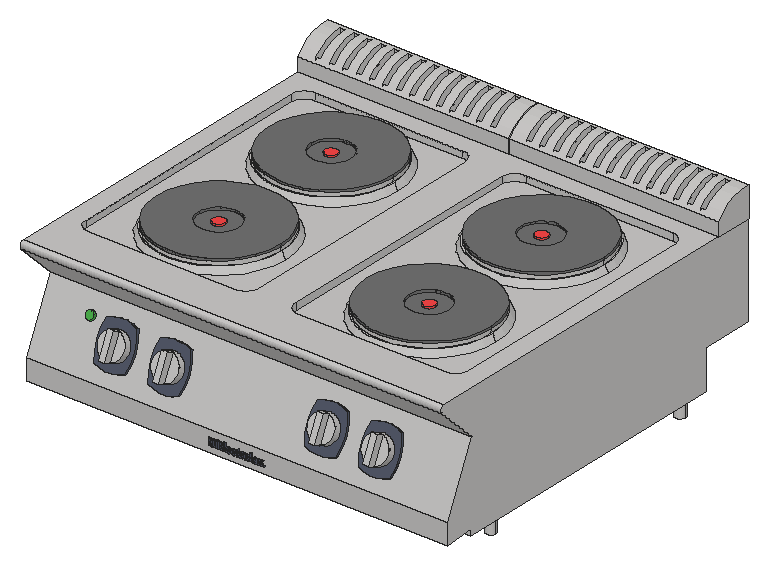
Revit family "QF_ELECTROLUXPROFESSIONAL_371015_E7ECEH4R00", category Specialty Equipment, Revit 2018
Family settings
  Round Connector Dimension = Use Diameter
  Part Type = Normal
  Work Plane-Based = No
  Always vertical = Yes
  Cut with Voids When Loaded = No
  Shared = No
  Room Calculation Point = No
Parameters
  Width = 800.1 mm  # constant formula
  Weight in Pounds = 88  # constant formula
  Watts = 10400 VA  # 10400 W
  Volts = 400 V  # constant formula
  URL Cutsheet = "www.electrolux.com/foodservice"
  URL = "www.electrolux.com/foodservice"
  Type Mark [instance] = ""
  Status [instance] = ""
  Specification by User [instance] = ""
  Specification by Manufacturer = ""
  Show Logo [instance] = yes
  Show Clearance [instance] = yes
  Serial Number = ""
  Seismic Rating = ""
  SMACNA No = ""
  Revision Code [instance] = ""
  Phase = 3  # constant formula
  Omniclass Number and Title = ""
  Number of Poles [instance] = 1
  NAFEM Spec ID Number = ""
  Model = "371015"
  Min Ckt Ampacity = 0 A
  Max Overcurrent Protection = 0 A
  Masterspec = ""
  Manufacturer = "ELECTROLUX"
  Item Number [instance] = ""
  Installed By [instance] = ""
  Identify Quantity as Lot [instance] = yes
  Height = 331.8 mm  # constant formula
  HP = "13.9 HP"
  Furnished By [instance] = ""
  Foodservice Equipment Identifier [instance] = yes
  FL Amps = if(Phase = 3, Watts / (Volts * 1.73), Watts / Volts)  # 15.0289 A
  Electrical Remarks [instance] = "400 V/3N ph/50/60 Hz"  # constant formula
  Electric Connection Type [instance] = ""
  Elec Conn RI Height [instance] = 0 mm
  Elec Conn Connection Height [instance] = 0 mm
  Direct Waste Size = 0"
  Description = "700XP 4 Hot Plate Electric Boiling Top 2.6KW - 400V"
  Depth = 730.25 mm  # constant formula
  Cycle [instance] = if([60 Hertz Option], 60 Hz, 50 Hz)  # 60 Hz
  Conn Plug = ""
  Conn Conduit = yes
  CSI MasterFormat = ""
  CSI Master Format = ""
  Base Height [instance] = 23.813 mm  # constant formula
  Assembly Code = ""
  Apparent Power = if(Phase = 3, Volts * FL Amps * 1.73, Volts * FL Amps)  # 10400 VA
  60 Hertz Option [instance] = not([50 Hertz Option])  # yes
  50 Hertz Option [instance] = no
Reference planes
  plane 1 "BACK": y = 0
  plane 2: z = 0
  plane 3 "LEFT": x = 0
  plane 4 "RIGHT": x = 800.1
  plane 5 "FRONT": y = -730.25
  plane 6 "TOP": z = 288.925
  plane 7 "Center Y": x = 400.05
  plane 8 "Center X": y = -365.125
  plane 9 "BASE": z = 23.813
  plane 10 "TOP A": z = 274.638
  plane 11: y = -597.884
  plane 12: y = -147.637
  plane 13: z = 331.8
Forms (mm)
  Extrusion 1, solid, material "QF_Finishes_Stainless Steel"
    sketch origin (0, 0, 0) x (0, 1, 0) y (0, 0, 1)
      loop
        line (0, 274.638) -> (-722.844, 274.638)
        arc (-722.844, 274.638) -> (-729.641, 270.096) -> (-728.047, 262.077) r 7.358
        line (-728.047, 262.077) -> (-657.416, 191.447) -> (-713.772, 69.003) -> (-713.772, 30.903) -> (-660.4, 36.513) -> (-660.4, 23.812) -> (-101.6, 23.812) -> (-101.6, 98.425) -> (0, 98.425) -> (0, 274.638)
    from 0 to 800.1
  Extrusion 2, solid, material "QF_Finishes_Stainless Steel"
    sketch origin (0, 0, 0) x (1, 0, 0) y (0, 1, 0)
      loop
        circle (11.112, -147.638) r 9.525
      loop
        circle (11.112, -597.884) r 9.525
      loop
        circle (788.987, -147.638) r 9.525
      loop
        circle (788.987, -597.884) r 9.525
    from 0 to 23.813
  Extrusion 3, solid, material "QF_Finishes_Stainless Steel"
    sketch origin (0, -101.6, 101.6) x (0, 0, -1) y (-1, 0, 0)
      loop
        circle (41.275, -747.712) r 12.7
    from 0 to 3.175
  Extrusion 4, solid, material "QF_Finishes_Clearance", visible <- "Show Clearance", detail levels coarse
    sketch origin (0, 0, 0) x (1, 0, 0) y (0, 1, 0)
      loop
        line (0, -730.25) -> (0, 0) -> (800.1, 0) -> (800.1, -730.25) -> (950.119, -730.25) -> (950.119, 150.019) -> (-150.019, 150.019) -> (-150.019, -730.25) -> (0, -730.25)
    from 0 to 331.788
  Extrusion 5, solid, material "QF_Finishes_Navy Blue"
    sketch origin (-390.52, -713.772, 69.003) x (0, 0.418102, 0.9084) y (-1, 0, 0)
      loop
        arc (102.623, -510.47) -> (67.041, -502.846) -> (31.333, -509.853) r 90.5
        arc (31.333, -509.853) -> (24.507, -539.04) -> (31.333, -568.228) r 65.817
        arc (31.333, -568.228) -> (67.04, -575.188) -> (102.623, -567.615) r 91.066
        arc (102.623, -567.615) -> (109.179, -539.043) -> (102.623, -510.47) r 65.546
    from 0 to 3.175
  Extrusion 6, solid, material "QF_Finishes_Stainless Steel"
    sketch origin (-11.77, -717.485, 68.529) x (0, 0.418102, 0.9084) y (-1, 0, 0)
      loop
        circle (68.826, -160.963) r 25.4
    from 0 to 12.7
  Extrusion 7, solid, material "QF_Finishes_Stainless Steel"
    sketch origin (-11.77, -729.022, 73.839) x (0, 0.418102, 0.9084) y (-1, 0, 0)
      loop
        arc (93.558, -166.749) -> (94.226, -160.963) -> (93.558, -155.177) r 25.4
        line (93.558, -155.177) -> (44.094, -155.177)
        arc (44.094, -155.177) -> (43.426, -160.963) -> (44.094, -166.749) r 25.4
        line (44.094, -166.749) -> (93.558, -166.749)
    from 0 to 12.7
  Extrusion 8, solid, material "QF_Finishes_Navy Blue", visible <- "Show Logo"
    sketch origin (58.349, -713.772, 35.665) x (0, 0, 1) y (-1, 0, 0)
      loop
        line (20.674, -296.698) -> (8.307, -296.698)
        arc (8.307, -296.698) -> (14.491, -301.27) -> (20.674, -296.698) r 6.467
      loop
        arc (20.674, -296.069) -> (19.505, -290.926) -> (14.849, -288.448) r 6.338
        line (14.849, -288.448) -> (14.849, -290.494)
        arc (14.849, -290.494) -> (16.333, -294.149) -> (19.778, -296.069) r 5.941
        line (19.778, -296.069) -> (20.674, -296.069)
      loop
        arc (9.203, -296.069) -> (12.648, -294.149) -> (14.132, -290.494) r 5.941
        line (14.132, -290.494) -> (14.132, -288.448)
        arc (14.132, -288.448) -> (9.438, -290.922) -> (8.148, -296.069) r 6.504
        line (8.148, -296.069) -> (9.203, -296.069)
      loop
        line (21.349, -287.979) -> (7.604, -287.979) -> (7.604, -301.742) -> (21.349, -301.742) -> (21.349, -287.979)
      loop
        arc (21.432, -304.71) -> (21.085, -304.352) -> (20.718, -304.69) r 0.358
        arc (20.718, -304.69) -> (20.404, -305.44) -> (19.687, -305.825) r 1.216
        line (19.687, -305.825) -> (9.274, -305.825)
        arc (9.274, -305.825) -> (8.614, -305.548) -> (8.218, -304.951) r 1.238
        arc (8.218, -304.951) -> (7.823, -304.7) -> (7.518, -305.054) r 0.358
        line (7.518, -305.054) -> (7.518, -314.933) -> (10.269, -314.933) -> (10.269, -314.036)
        arc (10.269, -314.036) -> (9.36, -313.456) -> (8.904, -312.479) r 1.928
        line (8.904, -312.479) -> (8.904, -309.98)
        arc (8.904, -309.98) -> (9.18, -309.251) -> (9.868, -308.887) r 1.101
        line (9.868, -308.887) -> (13.955, -308.887) -> (13.955, -312.561)
        arc (13.955, -312.561) -> (13.602, -313.058) -> (13.037, -313.286) r 1.083
        arc (13.037, -313.286) -> (12.773, -313.591) -> (13.065, -313.869) r 0.292
        line (13.065, -313.869) -> (16.028, -313.869)
        arc (16.028, -313.869) -> (16.33, -313.596) -> (16.092, -313.266) r 0.305
        arc (16.092, -313.266) -> (15.601, -313.018) -> (15.296, -312.561) r 1.083
        line (15.296, -312.561) -> (15.296, -308.887) -> (19.973, -308.887) -> (19.973, -312.635)
        arc (19.973, -312.635) -> (19.759, -313.39) -> (19.153, -313.888) r 1.314
        arc (19.153, -313.888) -> (18.934, -314.292) -> (19.288, -314.585) r 0.361
        line (19.288, -314.585) -> (21.432, -314.585) -> (21.432, -304.71)
      loop
        arc (20.715, -315.365) -> (20.335, -316.284) -> (19.416, -316.664) r 1.299
        line (19.416, -316.664) -> (9.837, -316.664)
        arc (9.837, -316.664) -> (8.999, -316.286) -> (8.728, -315.408) r 1.118
        line (8.728, -315.408) -> (7.518, -315.408) -> (7.518, -320.758) -> (8.706, -320.758)
        arc (8.706, -320.758) -> (8.978, -319.841) -> (9.848, -319.445) r 1.153
        line (9.848, -319.445) -> (21.92, -319.445) -> (20.715, -315.365)
      loop
        line (12.483, -323.394) -> (12.483, -329.842) -> (13.282, -329.842)
        arc (13.282, -329.842) -> (15.862, -328.857) -> (17.131, -326.404) r 3.874
        line (17.131, -326.404) -> (17.131, -324.643)
        arc (17.131, -324.643) -> (15.944, -321.778) -> (13.08, -320.592) r 4.051
        line (13.08, -320.592) -> (11.072, -320.592)
        arc (11.072, -320.592) -> (8.253, -322.077) -> (7.202, -325.084) r 4.352
        arc (7.202, -325.084) -> (7.566, -327.547) -> (8.943, -329.621) r 5.713
        line (8.943, -329.621) -> (9.892, -329.621)
        arc (9.892, -329.621) -> (9.16, -328.052) -> (8.943, -326.334) r 5.579
        arc (8.943, -326.334) -> (9.737, -324.371) -> (11.616, -323.394) r 3.057
        line (11.616, -323.394) -> (12.483, -323.394)
      loop
        line (13.742, -323.394) -> (13.742, -326.977)
        arc (13.742, -326.977) -> (15.199, -327.024) -> (16.082, -325.864) r 1.59
        line (16.082, -325.864) -> (16.082, -325.034)
        arc (16.082, -325.034) -> (15.217, -323.779) -> (13.742, -323.394) r 2.184
      loop
        arc (16.533, -339.259) -> (17.022, -337.585) -> (17.179, -335.848) r 9.023
        line (17.179, -335.848) -> (17.179, -334.486)
        arc (17.179, -334.486) -> (16.02, -331.686) -> (13.22, -330.527) r 3.959
        line (13.22, -330.527) -> (10.62, -330.527)
        arc (10.62, -330.527) -> (8.338, -331.819) -> (7.221, -334.192) r 4.331
        line (7.221, -334.192) -> (7.221, -336.327)
        arc (7.221, -336.327) -> (7.729, -337.877) -> (8.651, -339.223) r 5.772
        arc (8.651, -339.223) -> (9.412, -339.274) -> (9.499, -338.515) r 0.553
        arc (9.499, -338.515) -> (9.111, -337.781) -> (8.977, -336.962) r 2.573
        line (8.977, -336.962) -> (8.977, -335.447)
        arc (8.977, -335.447) -> (9.983, -333.806) -> (11.798, -333.163) r 2.884
        line (11.798, -333.163) -> (13.077, -333.163)
        arc (13.077, -333.163) -> (14.898, -333.723) -> (15.824, -335.388) r 2.554
        line (15.824, -335.388) -> (15.824, -336.441)
        arc (15.824, -336.441) -> (15.493, -337.369) -> (14.836, -338.104) r 2.564
        arc (14.836, -338.104) -> (14.614, -338.821) -> (15.223, -339.259) r 0.643
        line (15.223, -339.259) -> (16.533, -339.259)
      loop
        line (15.515, -339.53) -> (15.515, -341.031) -> (9.467, -341.031)
        arc (9.467, -341.031) -> (7.879, -341.688) -> (7.221, -343.276) r 2.246
        line (7.221, -343.276) -> (7.221, -344.86)
        arc (7.221, -344.86) -> (7.535, -345.725) -> (8.035, -346.496) r 4.06
        arc (8.035, -346.496) -> (8.768, -346.629) -> (9.019, -345.928) r 0.576
        arc (9.019, -345.928) -> (8.913, -345.403) -> (8.977, -344.87) r 1.69
        arc (8.977, -344.87) -> (9.519, -344.082) -> (10.425, -343.779) r 1.506
        line (10.425, -343.779) -> (15.563, -343.779) -> (15.563, -346.176) -> (16.119, -346.733) -> (16.941, -346.733) -> (16.941, -343.873) -> (20.172, -343.873) -> (15.515, -339.53)
      loop
        line (7.438, -347.63) -> (7.438, -353.017) -> (8.548, -353.017)
        arc (8.548, -353.017) -> (8.942, -352.066) -> (9.893, -351.672) r 1.345
        line (9.893, -351.672) -> (13.509, -351.672)
        arc (13.509, -351.672) -> (14.274, -352.264) -> (14.564, -353.186) r 1.615
        line (14.564, -353.186) -> (14.564, -354.742) -> (17.119, -355.427) -> (17.119, -354.044) -> (15.177, -351.485) -> (17.057, -351.485) -> (16.773, -348.779)
        arc (16.773, -348.779) -> (16.333, -348.249) -> (15.674, -348.45) r 0.621
        arc (15.674, -348.45) -> (15.274, -348.792) -> (14.78, -348.975) r 1.501
        line (14.78, -348.975) -> (9.893, -348.975)
        arc (9.893, -348.975) -> (8.942, -348.581) -> (8.548, -347.63) r 1.345
        line (8.548, -347.63) -> (7.438, -347.63)
      loop
        line (13.54, -354.964) -> (10.848, -354.964)
        arc (10.848, -354.964) -> (8.403, -356.272) -> (7.269, -358.803) r 4.288
        arc (7.269, -358.803) -> (7.205, -360.183) -> (7.269, -361.563) r 15.022
        arc (7.269, -361.563) -> (8.403, -364.094) -> (10.848, -365.401) r 4.288
        line (10.848, -365.401) -> (13.54, -365.401)
        arc (13.54, -365.401) -> (15.986, -364.094) -> (17.119, -361.563) r 4.288
        arc (17.119, -361.563) -> (17.183, -360.183) -> (17.119, -358.803) r 15.022
        arc (17.119, -358.803) -> (15.986, -356.272) -> (13.54, -354.964) r 4.288
      loop
        line (13.745, -358.078) -> (10.643, -358.078)
        arc (10.643, -358.078) -> (8.486, -360.235) -> (10.643, -362.392) r 2.157
        line (10.643, -362.392) -> (13.745, -362.392)
        arc (13.745, -362.392) -> (15.902, -360.235) -> (13.745, -358.078) r 2.157
      loop
        arc (20.726, -365.26) -> (20.355, -366.154) -> (19.461, -366.524) r 1.264
        line (19.461, -366.524) -> (9.597, -366.524)
        arc (9.597, -366.524) -> (8.727, -366.127) -> (8.455, -365.211) r 1.153
        line (8.455, -365.211) -> (7.518, -365.211) -> (7.518, -370.319) -> (8.446, -370.319)
        arc (8.446, -370.319) -> (8.805, -369.547) -> (9.597, -369.232) r 1.153
        line (9.597, -369.232) -> (21.92, -369.232) -> (20.726, -365.26)
      loop
        arc (15.846, -369.857) -> (15.647, -370.921) -> (14.678, -371.403) r 1.215
        line (14.678, -371.403) -> (9.658, -371.403)
        arc (9.658, -371.403) -> (8.043, -372.051) -> (7.322, -373.634) r 2.338
        line (7.322, -373.634) -> (7.322, -375.148)
        arc (7.322, -375.148) -> (7.497, -376.152) -> (7.999, -377.038) r 2.979
        line (7.999, -377.038) -> (7.518, -378.835) -> (7.518, -380.524) -> (16.943, -380.524) -> (16.649, -376.32) -> (15.863, -376.32)
        arc (15.863, -376.32) -> (15.507, -377.156) -> (14.755, -377.665) r 1.605
        line (14.755, -377.665) -> (9.652, -377.665)
        arc (9.652, -377.665) -> (9.232, -376.728) -> (9.159, -375.704) r 2.94
        arc (9.159, -375.704) -> (9.72, -374.603) -> (10.873, -374.16) r 1.724
        line (10.873, -374.16) -> (17.07, -374.16) -> (15.846, -369.857)
      loop
        line (16.874, -381.377) -> (15.202, -383.423) -> (12.028, -385.729) -> (8.572, -382.617)
        arc (8.572, -382.617) -> (8.335, -382.223) -> (8.357, -381.764) r 0.789
        line (8.357, -381.764) -> (7.518, -381.764) -> (7.518, -385.309) -> (8.344, -385.309)
        arc (8.344, -385.309) -> (8.686, -384.947) -> (9.176, -385.039) r 0.52
        line (9.176, -385.039) -> (10.976, -386.51) -> (8.858, -387.886)
        arc (8.858, -387.886) -> (8.457, -387.576) -> (8.37, -387.076) r 0.7
        line (8.37, -387.076) -> (7.518, -387.076) -> (7.518, -393.003) -> (8.405, -393.003)
        arc (8.405, -393.003) -> (8.472, -392.344) -> (8.866, -391.813) r 1.247
        line (8.866, -391.813) -> (13.066, -388.532) -> (15.513, -390.585) -> (16.874, -392.327) -> (16.874, -388.604) -> (15.389, -389.026) -> (13.868, -387.749) -> (15.568, -386.559) -> (16.874, -387.336) -> (16.874, -381.377)
    from 0 to 1.644
  Extrusion 9, solid, material "QF_Finishes_Stainless Steel"
    sketch origin (0, 0, 0) x (0, 1, 0) y (0, 0, 1)
      loop
        line (0, 274.638) -> (0, 331.738)
        arc (0, 331.738) -> (-38.857, 324.552) -> (-69.85, 300.038) r 82.056
        line (-69.85, 300.038) -> (-69.85, 274.638) -> (0, 274.638)
    from 0 to 400.05
  Extrusion 10, void
    sketch origin (0, 0, 274.638) x (0, -1, 0) y (1, 0, 0)
      loop
        line (6.761, 29.703) -> (63.911, 29.703) -> (63.911, 38.999) -> (6.761, 38.999) -> (6.761, 29.703)
      loop
        line (63.911, 64.487) -> (6.761, 64.487) -> (6.761, 55.191) -> (63.911, 55.191) -> (63.911, 64.487)
      loop
        line (63.911, 89.975) -> (6.761, 89.975) -> (6.761, 80.68) -> (63.911, 80.68) -> (63.911, 89.975)
      loop
        line (63.911, 115.464) -> (6.761, 115.464) -> (6.761, 106.168) -> (63.911, 106.168) -> (63.911, 115.464)
      loop
        line (63.911, 140.952) -> (6.761, 140.952) -> (6.761, 131.656) -> (63.911, 131.656) -> (63.911, 140.952)
      loop
        line (63.911, 166.44) -> (6.761, 166.44) -> (6.761, 157.145) -> (63.911, 157.145) -> (63.911, 166.44)
      loop
        line (63.911, 191.929) -> (6.761, 191.929) -> (6.761, 182.633) -> (63.911, 182.633) -> (63.911, 191.929)
      loop
        line (63.911, 217.417) -> (6.761, 217.417) -> (6.761, 208.121) -> (63.911, 208.121) -> (63.911, 217.417)
      loop
        line (63.911, 242.905) -> (6.761, 242.905) -> (6.761, 233.61) -> (63.911, 233.61) -> (63.911, 242.905)
      loop
        line (63.911, 268.394) -> (6.761, 268.394) -> (6.761, 259.098) -> (63.911, 259.098) -> (63.911, 268.394)
      loop
        line (63.911, 293.882) -> (6.761, 293.882) -> (6.761, 284.586) -> (63.911, 284.586) -> (63.911, 293.882)
      loop
        line (63.911, 319.37) -> (6.761, 319.37) -> (6.761, 310.075) -> (63.911, 310.075) -> (63.911, 319.37)
      loop
        line (63.911, 344.859) -> (6.761, 344.859) -> (6.761, 335.563) -> (63.911, 335.563) -> (63.911, 344.859)
      loop
        line (63.911, 370.347) -> (6.761, 370.347) -> (6.761, 361.051) -> (63.911, 361.051) -> (63.911, 370.347)
    from 25.4 to 63.5
  Extrusion 11, solid, material "QF_Finishes_Stainless Steel"
    sketch origin (400.05, 0, 0) x (0, 1, 0) y (0, 0, 1)
      loop
        line (0, 274.638) -> (0, 331.738)
        arc (0, 331.738) -> (-38.857, 324.552) -> (-69.85, 300.038) r 82.056
        line (-69.85, 300.038) -> (-69.85, 274.638) -> (0, 274.638)
    from 0 to 400.05
  Extrusion 12, void
    sketch origin (400.05, 0, 274.638) x (0, -1, 0) y (1, 0, 0)
      loop
        line (6.761, 29.703) -> (63.911, 29.703) -> (63.911, 38.999) -> (6.761, 38.999) -> (6.761, 29.703)
      loop
        line (63.911, 64.487) -> (6.761, 64.487) -> (6.761, 55.191) -> (63.911, 55.191) -> (63.911, 64.487)
      loop
        line (63.911, 89.975) -> (6.761, 89.975) -> (6.761, 80.68) -> (63.911, 80.68) -> (63.911, 89.975)
      loop
        line (63.911, 115.464) -> (6.761, 115.464) -> (6.761, 106.168) -> (63.911, 106.168) -> (63.911, 115.464)
      loop
        line (63.911, 140.952) -> (6.761, 140.952) -> (6.761, 131.656) -> (63.911, 131.656) -> (63.911, 140.952)
      loop
        line (63.911, 166.44) -> (6.761, 166.44) -> (6.761, 157.145) -> (63.911, 157.145) -> (63.911, 166.44)
      loop
        line (63.911, 191.929) -> (6.761, 191.929) -> (6.761, 182.633) -> (63.911, 182.633) -> (63.911, 191.929)
      loop
        line (63.911, 217.417) -> (6.761, 217.417) -> (6.761, 208.121) -> (63.911, 208.121) -> (63.911, 217.417)
      loop
        line (63.911, 242.905) -> (6.761, 242.905) -> (6.761, 233.61) -> (63.911, 233.61) -> (63.911, 242.905)
      loop
        line (63.911, 268.394) -> (6.761, 268.394) -> (6.761, 259.098) -> (63.911, 259.098) -> (63.911, 268.394)
      loop
        line (63.911, 293.882) -> (6.761, 293.882) -> (6.761, 284.586) -> (63.911, 284.586) -> (63.911, 293.882)
      loop
        line (63.911, 319.37) -> (6.761, 319.37) -> (6.761, 310.075) -> (63.911, 310.075) -> (63.911, 319.37)
      loop
        line (63.911, 344.859) -> (6.761, 344.859) -> (6.761, 335.563) -> (63.911, 335.563) -> (63.911, 344.859)
      loop
        line (63.911, 370.347) -> (6.761, 370.347) -> (6.761, 361.051) -> (63.911, 361.051) -> (63.911, 370.347)
    from 25.4 to 63.5
  Extrusion 13, void
    sketch origin (0, 0, 274.638) x (1, 0, 0) y (0, -1, 0)
      loop
        line (60.425, 104.885) -> (339.625, 104.885)
        arc (339.625, 104.885) -> (357.586, 112.324) -> (365.025, 130.285) r 25.4
        line (365.025, 130.285) -> (365.025, 619.485)
        arc (365.025, 619.485) -> (357.586, 637.445) -> (339.625, 644.885) r 25.4
        line (339.625, 644.885) -> (60.425, 644.885)
        arc (60.425, 644.885) -> (42.464, 637.445) -> (35.025, 619.485) r 25.4
        line (35.025, 619.485) -> (35.025, 130.285)
        arc (35.025, 130.285) -> (42.464, 112.324) -> (60.425, 104.885) r 25.4
      loop
        arc (739.675, 104.885) -> (757.636, 112.324) -> (765.075, 130.285) r 25.4
        line (765.075, 130.285) -> (765.075, 619.485)
        arc (765.075, 619.485) -> (757.636, 637.445) -> (739.675, 644.885) r 25.4
        line (739.675, 644.885) -> (460.475, 644.885)
        arc (460.475, 644.885) -> (442.514, 637.445) -> (435.075, 619.485) r 25.4
        line (435.075, 619.485) -> (435.075, 130.285)
        arc (435.075, 130.285) -> (442.514, 112.324) -> (460.475, 104.885) r 25.4
        line (460.475, 104.885) -> (739.675, 104.885)
    from 0 to 12.7
  Extrusion 14, solid, material "QF_Finishes_Navy Blue"
    sketch origin (-288.02, -713.772, 69.003) x (0, 0.418102, 0.9084) y (-1, 0, 0)
      loop
        arc (102.623, -510.47) -> (67.041, -502.846) -> (31.333, -509.853) r 90.5
        arc (31.333, -509.853) -> (24.507, -539.04) -> (31.333, -568.228) r 65.817
        arc (31.333, -568.228) -> (67.04, -575.188) -> (102.623, -567.615) r 91.066
        arc (102.623, -567.615) -> (109.179, -539.043) -> (102.623, -510.47) r 65.546
    from 0 to 3.175
  Extrusion 15, solid, material "QF_Finishes_Stainless Steel"
    sketch origin (90.73, -717.485, 68.529) x (0, 0.418102, 0.9084) y (-1, 0, 0)
      loop
        circle (68.826, -160.963) r 25.4
    from 0 to 12.7
  Extrusion 16, solid, material "QF_Finishes_Stainless Steel"
    sketch origin (90.73, -729.022, 73.839) x (0, 0.418102, 0.9084) y (-1, 0, 0)
      loop
        arc (93.558, -166.749) -> (94.226, -160.963) -> (93.558, -155.177) r 25.4
        line (93.558, -155.177) -> (44.094, -155.177)
        arc (44.094, -155.177) -> (43.426, -160.963) -> (44.094, -166.749) r 25.4
        line (44.094, -166.749) -> (93.558, -166.749)
    from 0 to 12.7
  Extrusion 17, solid, material "QF_Finishes_Navy Blue"
    sketch origin (1190.62, -713.772, 69.003) x (0, 0.418102, 0.9084) y (-1, 0, 0)
      loop
        arc (102.623, 510.47) -> (109.179, 539.043) -> (102.623, 567.615) r 65.546
        arc (102.623, 567.615) -> (67.04, 575.188) -> (31.333, 568.228) r 91.066
        arc (31.333, 568.228) -> (24.507, 539.04) -> (31.333, 509.853) r 65.817
        arc (31.333, 509.853) -> (67.041, 502.846) -> (102.623, 510.47) r 90.5
    from 0 to 3.175
  Extrusion 18, solid, material "QF_Finishes_Stainless Steel"
    sketch origin (1569.37, -717.485, 68.529) x (0, 0.418102, 0.9084) y (-1, 0, 0)
      loop
        circle (68.826, 918.463) r 25.4
    from 0 to 12.7
  Extrusion 19, solid, material "QF_Finishes_Stainless Steel"
    sketch origin (1569.37, -729.022, 73.839) x (0, 0.418102, 0.9084) y (-1, 0, 0)
      loop
        line (93.558, 924.249) -> (44.094, 924.249)
        arc (44.094, 924.249) -> (43.426, 918.463) -> (44.094, 912.677) r 25.4
        line (44.094, 912.677) -> (93.558, 912.677)
        arc (93.558, 912.677) -> (94.226, 918.463) -> (93.558, 924.249) r 25.4
    from 0 to 12.7
  Extrusion 20, solid, material "QF_Finishes_Navy Blue"
    sketch origin (1088.12, -713.772, 69.003) x (0, 0.418102, 0.9084) y (-1, 0, 0)
      loop
        arc (102.623, 510.47) -> (109.179, 539.043) -> (102.623, 567.615) r 65.546
        arc (102.623, 567.615) -> (67.04, 575.188) -> (31.333, 568.228) r 91.066
        arc (31.333, 568.228) -> (24.507, 539.04) -> (31.333, 509.853) r 65.817
        arc (31.333, 509.853) -> (67.041, 502.846) -> (102.623, 510.47) r 90.5
    from 0 to 3.175
  Extrusion 21, solid, material "QF_Finishes_Stainless Steel"
    sketch origin (1466.87, -717.485, 68.529) x (0, 0.418102, 0.9084) y (-1, 0, 0)
      loop
        circle (68.826, 918.463) r 25.4
    from 0 to 12.7
  Extrusion 22, solid, material "QF_Finishes_Stainless Steel"
    sketch origin (1466.87, -729.022, 73.839) x (0, 0.418102, 0.9084) y (-1, 0, 0)
      loop
        line (93.558, 924.249) -> (44.094, 924.249)
        arc (44.094, 924.249) -> (43.426, 918.463) -> (44.094, 912.677) r 25.4
        line (44.094, 912.677) -> (93.558, 912.677)
        arc (93.558, 912.677) -> (94.226, 918.463) -> (93.558, 924.249) r 25.4
    from 0 to 12.7
  Extrusion 23, solid, material "QF_Finishes_Green"
    sketch origin (1.25, -711.681, 73.545) x (0, 0.418102, 0.9084) y (-1, 0, 0)
      loop
        circle (91.02, -88.134) r 8
    from 0 to 3.2
Cuts and joins
  Extrusion 10 cuts Extrusion 9
  Extrusion 12 cuts Extrusion 11
  Extrusion 13 cuts Extrusion 1
Lines and regions (mm)
  symbolic lines, style "QF-Clearances", visible <- "Show Clearance", detail levels coarse
    curve 1: line (-150.019, 150.019, 274.638) -> (-150.019, -730.25, 274.638)
    curve 2: line (950.119, 150.019, 274.638) -> (-150.019, 150.019, 274.638)
    curve 3: line (950.119, -730.25, 274.638) -> (950.119, 150.019, 274.638)
  symbolic lines
    curve 4: line (0, 0, 274.638) -> (800.1, 0, 274.638)
    curve 5: line (0, -730.25, 274.638) -> (0, 0, 274.638)
    curve 6: line (800.1, 0, 274.638) -> (800.1, -730.25, 274.638)
    curve 7: line (0, -69.85, 274.638) -> (800.1, -69.85, 274.638)
    curve 8: line (800.1, -730.25, 274.638) -> (0, -730.25, 274.638)
    curve 9: line (29.703, -6.761, 0) -> (38.999, -6.761, 0)
    curve 10: line (29.703, -63.911, 0) -> (29.703, -6.761, 0)
    curve 11: line (38.999, -63.911, 0) -> (29.703, -63.911, 0)
    curve 12: line (38.999, -6.761, 0) -> (38.999, -63.911, 0)
    curve 13: line (55.191, -6.761, 0) -> (64.487, -6.761, 0)
    curve 14: line (55.191, -63.911, 0) -> (55.191, -6.761, 0)
    curve 15: line (64.487, -63.911, 0) -> (55.191, -63.911, 0)
    curve 16: line (64.487, -6.761, 0) -> (64.487, -63.911, 0)
    curve 17: line (80.68, -6.761, 0) -> (89.975, -6.761, 0)
    curve 18: line (80.68, -63.911, 0) -> (80.68, -6.761, 0)
    curve 19: line (89.975, -63.911, 0) -> (80.68, -63.911, 0)
    curve 20: line (89.975, -6.761, 0) -> (89.975, -63.911, 0)
    curve 21: line (106.168, -6.761, 0) -> (115.464, -6.761, 0)
    curve 22: line (106.168, -63.911, 0) -> (106.168, -6.761, 0)
    curve 23: line (115.464, -63.911, 0) -> (106.168, -63.911, 0)
    curve 24: line (115.464, -6.761, 0) -> (115.464, -63.911, 0)
    curve 25: line (131.656, -6.761, 0) -> (140.952, -6.761, 0)
    curve 26: line (131.656, -63.911, 0) -> (131.656, -6.761, 0)
    curve 27: line (140.952, -63.911, 0) -> (131.656, -63.911, 0)
    curve 28: line (140.952, -6.761, 0) -> (140.952, -63.911, 0)
    curve 29: line (157.145, -6.761, 0) -> (166.44, -6.761, 0)
    curve 30: line (157.145, -63.911, 0) -> (157.145, -6.761, 0)
    curve 31: line (166.44, -63.911, 0) -> (157.145, -63.911, 0)
    curve 32: line (166.44, -6.761, 0) -> (166.44, -63.911, 0)
    curve 33: line (182.633, -6.761, 0) -> (191.929, -6.761, 0)
    curve 34: line (182.633, -63.911, 0) -> (182.633, -6.761, 0)
    curve 35: line (191.929, -63.911, 0) -> (182.633, -63.911, 0)
    curve 36: line (191.929, -6.761, 0) -> (191.929, -63.911, 0)
    curve 37: line (208.121, -6.761, 0) -> (217.417, -6.761, 0)
    curve 38: line (208.121, -63.911, 0) -> (208.121, -6.761, 0)
    curve 39: line (217.417, -63.911, 0) -> (208.121, -63.911, 0)
    curve 40: line (217.417, -6.761, 0) -> (217.417, -63.911, 0)
    curve 41: line (233.61, -6.761, 0) -> (242.905, -6.761, 0)
    curve 42: line (233.61, -63.911, 0) -> (233.61, -6.761, 0)
    curve 43: line (242.905, -63.911, 0) -> (233.61, -63.911, 0)
    curve 44: line (242.905, -6.761, 0) -> (242.905, -63.911, 0)
    curve 45: line (259.098, -6.761, 0) -> (268.394, -6.761, 0)
    curve 46: line (259.098, -63.911, 0) -> (259.098, -6.761, 0)
    curve 47: line (268.394, -63.911, 0) -> (259.098, -63.911, 0)
    curve 48: line (268.394, -6.761, 0) -> (268.394, -63.911, 0)
    curve 49: line (284.586, -6.761, 0) -> (293.882, -6.761, 0)
    curve 50: line (284.586, -63.911, 0) -> (284.586, -6.761, 0)
    curve 51: line (293.882, -63.911, 0) -> (284.586, -63.911, 0)
    curve 52: line (293.882, -6.761, 0) -> (293.882, -63.911, 0)
    curve 53: line (310.075, -6.761, 0) -> (319.37, -6.761, 0)
    curve 54: line (310.075, -63.911, 0) -> (310.075, -6.761, 0)
    curve 55: line (319.37, -63.911, 0) -> (310.075, -63.911, 0)
    curve 56: line (319.37, -6.761, 0) -> (319.37, -63.911, 0)
    curve 57: line (335.563, -6.761, 0) -> (344.859, -6.761, 0)
    curve 58: line (335.563, -63.911, 0) -> (335.563, -6.761, 0)
    curve 59: line (344.859, -63.911, 0) -> (335.563, -63.911, 0)
    curve 60: line (344.859, -6.761, 0) -> (344.859, -63.911, 0)
    curve 61: line (361.051, -6.761, 0) -> (370.347, -6.761, 0)
    curve 62: line (361.051, -63.911, 0) -> (361.051, -6.761, 0)
    curve 63: line (370.347, -63.911, 0) -> (361.051, -63.911, 0)
    curve 64: line (370.347, -6.761, 0) -> (370.347, -63.911, 0)
    curve 65: line (400.05, 0, 0) -> (400.05, -69.85, 0)
    curve 66: line (770.397, -6.761, 0) -> (761.101, -6.761, 0)
    curve 67: line (770.397, -63.911, 0) -> (770.397, -6.761, 0)
    curve 68: line (761.101, -63.911, 0) -> (770.397, -63.911, 0)
    curve 69: line (761.101, -6.761, 0) -> (761.101, -63.911, 0)
    curve 70: line (744.909, -6.761, 0) -> (735.613, -6.761, 0)
    curve 71: line (744.909, -63.911, 0) -> (744.909, -6.761, 0)
    curve 72: line (735.613, -63.911, 0) -> (744.909, -63.911, 0)
    curve 73: line (735.613, -6.761, 0) -> (735.613, -63.911, 0)
    curve 74: line (719.42, -6.761, 0) -> (710.125, -6.761, 0)
    curve 75: line (719.42, -63.911, 0) -> (719.42, -6.761, 0)
    curve 76: line (710.125, -63.911, 0) -> (719.42, -63.911, 0)
    curve 77: line (710.125, -6.761, 0) -> (710.125, -63.911, 0)
    curve 78: line (693.932, -6.761, 0) -> (684.636, -6.761, 0)
    curve 79: line (693.932, -63.911, 0) -> (693.932, -6.761, 0)
    curve 80: line (684.636, -63.911, 0) -> (693.932, -63.911, 0)
    curve 81: line (684.636, -6.761, 0) -> (684.636, -63.911, 0)
    curve 82: line (668.444, -6.761, 0) -> (659.148, -6.761, 0)
    curve 83: line (668.444, -63.911, 0) -> (668.444, -6.761, 0)
    curve 84: line (659.148, -63.911, 0) -> (668.444, -63.911, 0)
    curve 85: line (659.148, -6.761, 0) -> (659.148, -63.911, 0)
    curve 86: line (642.955, -6.761, 0) -> (633.66, -6.761, 0)
    curve 87: line (642.955, -63.911, 0) -> (642.955, -6.761, 0)
    curve 88: line (633.66, -63.911, 0) -> (642.955, -63.911, 0)
    curve 89: line (633.66, -6.761, 0) -> (633.66, -63.911, 0)
    curve 90: line (617.467, -6.761, 0) -> (608.171, -6.761, 0)
    curve 91: line (617.467, -63.911, 0) -> (617.467, -6.761, 0)
    curve 92: line (608.171, -63.911, 0) -> (617.467, -63.911, 0)
    curve 93: line (608.171, -6.761, 0) -> (608.171, -63.911, 0)
    curve 94: line (591.979, -6.761, 0) -> (582.683, -6.761, 0)
    curve 95: line (591.979, -63.911, 0) -> (591.979, -6.761, 0)
    curve 96: line (582.683, -63.911, 0) -> (591.979, -63.911, 0)
    curve 97: line (582.683, -6.761, 0) -> (582.683, -63.911, 0)
    curve 98: line (566.49, -6.761, 0) -> (557.195, -6.761, 0)
    curve 99: line (566.49, -63.911, 0) -> (566.49, -6.761, 0)
    curve 100: line (557.195, -63.911, 0) -> (566.49, -63.911, 0)
    curve 101: line (557.195, -6.761, 0) -> (557.195, -63.911, 0)
    curve 102: line (541.002, -6.761, 0) -> (531.706, -6.761, 0)
    curve 103: line (541.002, -63.911, 0) -> (541.002, -6.761, 0)
    curve 104: line (531.706, -63.911, 0) -> (541.002, -63.911, 0)
    curve 105: line (531.706, -6.761, 0) -> (531.706, -63.911, 0)
    curve 106: line (515.514, -6.761, 0) -> (506.218, -6.761, 0)
    curve 107: line (515.514, -63.911, 0) -> (515.514, -6.761, 0)
    curve 108: line (506.218, -63.911, 0) -> (515.514, -63.911, 0)
    curve 109: line (506.218, -6.761, 0) -> (506.218, -63.911, 0)
    curve 110: line (490.025, -6.761, 0) -> (480.73, -6.761, 0)
    curve 111: line (490.025, -63.911, 0) -> (490.025, -6.761, 0)
    curve 112: line (480.73, -63.911, 0) -> (490.025, -63.911, 0)
    curve 113: line (480.73, -6.761, 0) -> (480.73, -63.911, 0)
    curve 114: line (464.537, -6.761, 0) -> (455.241, -6.761, 0)
    curve 115: line (464.537, -63.911, 0) -> (464.537, -6.761, 0)
    curve 116: line (455.241, -63.911, 0) -> (464.537, -63.911, 0)
    curve 117: line (455.241, -6.761, 0) -> (455.241, -63.911, 0)
    curve 118: line (439.049, -6.761, 0) -> (429.753, -6.761, 0)
    curve 119: line (439.049, -63.911, 0) -> (439.049, -6.761, 0)
    curve 120: line (429.753, -63.911, 0) -> (439.049, -63.911, 0)
    curve 121: line (429.753, -6.761, 0) -> (429.753, -63.911, 0)
    curve 122: arc (35.025, -130.285, 0) -> (42.464, -112.324, 0) -> (60.425, -104.885, 0) r 25.4
    curve 123: line (60.425, -104.885, 0) -> (339.625, -104.885, 0)
    curve 124: arc (339.625, -104.885, 0) -> (357.586, -112.324, 0) -> (365.025, -130.285, 0) r 25.4
    curve 125: line (365.025, -130.285, 0) -> (365.025, -619.485, 0)
    curve 126: arc (365.025, -619.485, 0) -> (357.586, -637.445, 0) -> (339.625, -644.885, 0) r 25.4
    curve 127: line (339.625, -644.885, 0) -> (60.425, -644.885, 0)
    curve 128: arc (60.425, -644.885, 0) -> (42.464, -637.445, 0) -> (35.025, -619.485, 0) r 25.4
    curve 129: line (35.025, -619.485, 0) -> (35.025, -130.285, 0)
    curve 130: line (435.075, -619.485, 0) -> (435.075, -130.285, 0)
    curve 131: arc (435.075, -130.285, 0) -> (442.514, -112.324, 0) -> (460.475, -104.885, 0) r 25.4
    curve 132: line (460.475, -104.885, 0) -> (739.675, -104.885, 0)
    curve 133: arc (739.675, -104.885, 0) -> (757.636, -112.324, 0) -> (765.075, -130.285, 0) r 25.4
    curve 134: line (765.075, -130.285, 0) -> (765.075, -619.485, 0)
    curve 135: arc (765.075, -619.485, 0) -> (757.636, -637.445, 0) -> (739.675, -644.885, 0) r 25.4
    curve 136: line (739.675, -644.885, 0) -> (460.475, -644.885, 0)
    curve 137: arc (460.475, -644.885, 0) -> (442.514, -637.445, 0) -> (435.075, -619.485, 0) r 25.4
Dimensions and locks
  equal spacing: plane 3 "LEFT", plane 7 "Center Y", plane 4 "RIGHT"
  "Width": plane 3 "LEFT" to plane 4 "RIGHT"
  equal spacing: plane 5 "FRONT", plane 8 "Center X", plane 1 "BACK"
  "Depth": plane 5 "FRONT" to plane 1 "BACK"
  plane 1 "BACK" to plane 5 "FRONT" = 730.25 mm
  "Base Height": plane 9 "BASE" to level
  locked: plane 10 "TOP A" to plane 9 "BASE" at 250.825
  plane 4 "RIGHT" to Extrusion 3 sketch curve = 52.388 mm
  plane 10 "TOP A" to plane 9 "BASE" = 250.825 mm
  plane 9 "BASE" to level = 23.813 mm
  "Height": plane 13 to level
  Extrusion 3 sketch curve to plane 9 "BASE" = 36.513 mm
  aligned and locked: level to plane 2
  aligned and locked: plane 4 "RIGHT" to Extrusion 1
  aligned and locked: Extrusion 2 to plane 9 "BASE"
  aligned: plane 6 "TOP" to Extrusion 4
Automatic sketch dimensions
  plane 1 "BACK" to curve 65 = 0 mm
  curve 65 to plane 7 "Center Y" = 0 mm
  curve 63 to plane 7 "Center Y" = 29.703 mm
  curve 61 to curve 61 = 9.296 mm
  curve 60 to curve 62 = 16.193 mm
  curve 58 to curve 59 = 9.296 mm
  curve 55 to curve 58 = 16.193 mm
  curve 55 to curve 55 = 9.296 mm
  curve 51 to curve 54 = 16.193 mm
  curve 49 to curve 49 = 9.296 mm
  curve 47 to curve 50 = 16.193 mm
  curve 46 to curve 45 = 9.296 mm
  plane 1 "BACK" to curve 41 = 6.761 mm
  curve 41 to curve 45 = 16.193 mm
  curve 43 to curve 43 = 9.296 mm
  plane 1 "BACK" to curve 37 = 6.761 mm
  curve 37 to curve 41 = 16.193 mm
  curve 34 to curve 33 = 9.296 mm
  plane 1 "BACK" to curve 32 = 6.761 mm
  curve 32 to curve 33 = 16.193 mm
  curve 31 to curve 31 = 9.296 mm
  plane 1 "BACK" to curve 28 = 6.761 mm
  curve 28 to curve 29 = 16.193 mm
  curve 26 to curve 27 = 9.296 mm
  plane 1 "BACK" to curve 24 = 6.761 mm
  curve 24 to curve 25 = 16.193 mm
  curve 23 to curve 23 = 9.296 mm
  plane 1 "BACK" to curve 17 = 6.761 mm
  curve 17 to curve 21 = 16.193 mm
  curve 18 to curve 19 = 9.296 mm
  plane 1 "BACK" to curve 13 = 6.761 mm
  curve 13 to curve 17 = 16.193 mm
  curve 14 to curve 15 = 9.296 mm
  plane 1 "BACK" to curve 9 = 6.761 mm
  curve 9 to curve 13 = 16.193 mm
  curve 11 to curve 11 = 9.296 mm
  plane 1 "BACK" to curve 118 = 6.761 mm
  plane 7 "Center Y" to curve 118 = 29.703 mm
  curve 120 to curve 120 = 9.296 mm
  curve 119 to curve 116 = 16.193 mm
  curve 116 to curve 116 = 9.296 mm
  plane 1 "BACK" to curve 110 = 6.761 mm
  curve 114 to curve 110 = 16.193 mm
  curve 112 to curve 112 = 9.296 mm
  curve 111 to curve 109 = 16.193 mm
  curve 108 to curve 108 = 9.296 mm
  curve 107 to curve 105 = 16.193 mm
  curve 102 to curve 103 = 9.296 mm
  curve 103 to curve 100 = 16.193 mm
  curve 98 to curve 99 = 9.296 mm
  curve 99 to curve 96 = 16.193 mm
  curve 96 to curve 96 = 9.296 mm
  plane 1 "BACK" to curve 90 = 6.761 mm
  curve 94 to curve 90 = 16.193 mm
  curve 90 to curve 91 = 9.296 mm
  curve 91 to curve 89 = 16.193 mm
  curve 86 to curve 87 = 9.296 mm
  curve 87 to curve 84 = 16.193 mm
  curve 82 to curve 83 = 9.296 mm
  plane 1 "BACK" to curve 78 = 6.761 mm
  curve 82 to curve 78 = 16.193 mm
  curve 78 to curve 79 = 9.296 mm
  plane 1 "BACK" to curve 77 = 6.761 mm
  curve 78 to curve 77 = 16.193 mm
  curve 76 to curve 75 = 9.296 mm
  plane 1 "BACK" to curve 73 = 6.761 mm
  curve 74 to curve 73 = 16.193 mm
  curve 70 to curve 71 = 9.296 mm
  curve 71 to curve 69 = 16.193 mm
  curve 68 to curve 68 = 9.296 mm
  curve 65 to curve 118 = 63.089 mm
  curve 65 to curve 120 = 5.939 mm
  curve 10 to curve 9 = 57.15 mm
  curve 119 to curve 117 = 0 mm
  curve 11 to curve 14 = 0 mm
  curve 115 to curve 113 = 0 mm
  curve 15 to curve 18 = 0 mm
  curve 111 to curve 109 = 0 mm
  curve 19 to curve 22 = 0 mm
  curve 107 to curve 105 = 0 mm
  curve 23 to curve 26 = 0 mm
  curve 103 to curve 101 = 0 mm
  curve 27 to curve 30 = 0 mm
  curve 99 to curve 97 = 0 mm
  curve 31 to curve 34 = 0 mm
  curve 95 to curve 93 = 0 mm
  curve 35 to curve 38 = 0 mm
  curve 91 to curve 89 = 0 mm
  curve 39 to curve 42 = 0 mm
  curve 87 to curve 85 = 0 mm
  curve 43 to curve 46 = 0 mm
  curve 83 to curve 81 = 0 mm
  curve 47 to curve 50 = 0 mm
  curve 79 to curve 77 = 0 mm
  curve 51 to curve 54 = 0 mm
  curve 75 to curve 73 = 0 mm
  curve 55 to curve 58 = 0 mm
  curve 71 to curve 69 = 0 mm
  curve 59 to curve 62 = 0 mm
  plane 1 "BACK" to curve 36 = 6.761 mm
  plane 1 "BACK" to curve 66 = 6.761 mm
  plane 1 "BACK" to curve 62 = 6.761 mm
  plane 1 "BACK" to curve 60 = 6.761 mm
  plane 1 "BACK" to curve 56 = 6.761 mm
  plane 1 "BACK" to curve 52 = 6.761 mm
  plane 1 "BACK" to curve 48 = 6.761 mm
  plane 1 "BACK" to curve 82 = 6.761 mm
  plane 1 "BACK" to curve 86 = 6.761 mm
  plane 1 "BACK" to curve 94 = 6.761 mm
  plane 1 "BACK" to curve 98 = 6.761 mm
  plane 1 "BACK" to curve 102 = 6.761 mm
  plane 1 "BACK" to curve 106 = 6.761 mm
  plane 1 "BACK" to curve 114 = 6.761 mm
  Extrusion 1 sketch curve to plane 10 "TOP A" = 0 mm
  Extrusion 1 sketch curve to plane 9 "BASE" = 0 mm
  Extrusion 1 sketch curve to plane 1 "BACK" = 0 mm
  Extrusion 1 sketch curve to plane 12 = 46.038 mm
  plane 11 to Extrusion 1 sketch curve = 59.531 mm
  plane 9 "BASE" to Extrusion 1 sketch curve = 12.7 mm
  plane 11 to Extrusion 1 sketch curve = 62.516 mm
  Extrusion 1 sketch curve to plane 5 "FRONT" = 16.478 mm
  Extrusion 1 sketch curve to plane 5 "FRONT" = 7.406 mm
  Extrusion 1 sketch curve to plane 5 "FRONT" = 2.203 mm
  plane 9 "BASE" to Extrusion 1 sketch curve = 7.09 mm
  Extrusion 1 sketch curve to Extrusion 1 sketch curve = 38.1 mm
  plane 9 "BASE" to Extrusion 1 sketch curve = 74.612 mm
  Extrusion 1 sketch curve to plane 10 "TOP A" = 83.191 mm
  Extrusion 1 sketch curve to plane 10 "TOP A" = 12.56 mm
  plane 11 to Extrusion 2 sketch curve = 0 mm  (x2)
  plane 12 to Extrusion 2 sketch curve = 0 mm  (x2)
  plane 3 "LEFT" to Extrusion 2 sketch curve = 11.112 mm  (x2)
  Extrusion 2 sketch curve to plane 4 "RIGHT" = 11.113 mm  (x2)
  plane 5 "FRONT" to Extrusion 4 sketch curve = 0 mm  (x2)
  plane 1 "BACK" to Extrusion 4 sketch curve = 0 mm
  Extrusion 4 sketch curve to plane 3 "LEFT" = 0 mm
  Extrusion 4 sketch curve to plane 4 "RIGHT" = 0 mm
  Extrusion 4 sketch curve to plane 3 "LEFT" = 150.019 mm
  plane 4 "RIGHT" to Extrusion 4 sketch curve = 150.019 mm
  Extrusion 4 sketch curve to plane 1 "BACK" = 150.019 mm
  plane 5 "FRONT" to curve 3 = 0 mm
  curve 8 to plane 4 "RIGHT" = 0 mm
  curve 7 to plane 3 "LEFT" = 0 mm
  plane 5 "FRONT" to curve 1 = 0 mm
  plane 1 "BACK" to curve 5 = 0 mm
  plane 5 "FRONT" to curve 5 = 0 mm
  plane 4 "RIGHT" to curve 3 = 150.019 mm
  curve 2 to plane 3 "LEFT" = 150.019 mm
  curve 2 to plane 1 "BACK" = 150.019 mm
  Extrusion 5 sketch curve to Extrusion 5 sketch curve = 0 mm
  Extrusion 5 sketch curve to Extrusion 5 sketch curve = 12.3 mm  (x3)
  Extrusion 5 sketch curve to Extrusion 5 sketch curve = 34.925 mm  (x2)
  Extrusion 5 sketch curve to Extrusion 5 sketch curve = 46.691 mm
  Extrusion 7 sketch curve to Extrusion 7 sketch curve = 24.732 mm
  Extrusion 7 sketch curve to Extrusion 7 sketch curve = 0 mm
  plane 9 "BASE" to Extrusion 8 sketch curve = 14.013 mm
  plane 9 "BASE" to Extrusion 8 sketch curve = 19.054 mm
  plane 7 "Center Y" to Extrusion 8 sketch curve = 3.159 mm
  Extrusion 8 sketch curve to Extrusion 8 sketch curve = 5.06 mm
  Extrusion 8 sketch curve to Extrusion 8 sketch curve = 0 mm  (x28)
  Extrusion 8 sketch curve to Extrusion 8 sketch curve = 5.108 mm  (x2)
  Extrusion 8 sketch curve to Extrusion 8 sketch curve = 0.054 mm
  Extrusion 8 sketch curve to Extrusion 8 sketch curve = 0.218 mm
  Extrusion 8 sketch curve to Extrusion 8 sketch curve = 0.195 mm
  Extrusion 8 sketch curve to Extrusion 8 sketch curve = 0.249 mm
  plane 9 "BASE" to Extrusion 8 sketch curve = 19.371 mm
  Extrusion 8 sketch curve to Extrusion 8 sketch curve = 0.087 mm
  Extrusion 8 sketch curve to Extrusion 8 sketch curve = 0.358 mm
  Extrusion 8 sketch curve to Extrusion 8 sketch curve = 0.481 mm
  Extrusion 8 sketch curve to Extrusion 8 sketch curve = 0.597 mm
  Extrusion 8 sketch curve to Extrusion 8 sketch curve = 0.544 mm
  Extrusion 8 sketch curve to Extrusion 8 sketch curve = 0.936 mm
  Extrusion 8 sketch curve to Extrusion 8 sketch curve = 0.594 mm
  Extrusion 8 sketch curve to Extrusion 8 sketch curve = 0.343 mm
  Extrusion 8 sketch curve to Extrusion 8 sketch curve = 0.159 mm
  Extrusion 8 sketch curve to Extrusion 8 sketch curve = 0.826 mm
  Extrusion 8 sketch curve to Extrusion 8 sketch curve = 0.839 mm
  Extrusion 8 sketch curve to Extrusion 8 sketch curve = 0.852 mm
  Extrusion 8 sketch curve to Extrusion 8 sketch curve = 0.887 mm
  Extrusion 8 sketch curve to Extrusion 8 sketch curve = 0.928 mm
  Extrusion 8 sketch curve to Extrusion 8 sketch curve = 0.938 mm
  Extrusion 8 sketch curve to Extrusion 8 sketch curve = 0.444 mm
  Extrusion 8 sketch curve to Extrusion 8 sketch curve = 1.11 mm  (x3)
  Extrusion 8 sketch curve to Extrusion 8 sketch curve = 0.215 mm
  Extrusion 8 sketch curve to Extrusion 8 sketch curve = 1.43 mm
  Extrusion 8 sketch curve to Extrusion 8 sketch curve = 1.188 mm
  Extrusion 8 sketch curve to Extrusion 8 sketch curve = 1.21 mm  (x2)
  Extrusion 8 sketch curve to Extrusion 8 sketch curve = 0.503 mm
  Extrusion 8 sketch curve to Extrusion 8 sketch curve = 0.488 mm
  Extrusion 8 sketch curve to Extrusion 8 sketch curve = 0.462 mm
  Extrusion 8 sketch curve to Extrusion 8 sketch curve = 1.386 mm
  Extrusion 8 sketch curve to Extrusion 8 sketch curve = 1.742 mm  (x2)
  Extrusion 8 sketch curve to Extrusion 8 sketch curve = 0.821 mm
  Extrusion 8 sketch curve to Extrusion 8 sketch curve = 0.497 mm
  Extrusion 8 sketch curve to Extrusion 8 sketch curve = 0.539 mm
  Extrusion 8 sketch curve to Extrusion 8 sketch curve = 0.686 mm
  Extrusion 8 sketch curve to Extrusion 8 sketch curve = 0.408 mm
  Extrusion 8 sketch curve to Extrusion 8 sketch curve = 0.743 mm
  Extrusion 8 sketch curve to Extrusion 8 sketch curve = 1.16 mm
  Extrusion 8 sketch curve to Extrusion 8 sketch curve = 0.329 mm
  Extrusion 8 sketch curve to Extrusion 8 sketch curve = 1.054 mm
  Extrusion 8 sketch curve to Extrusion 8 sketch curve = 1.056 mm
  Extrusion 8 sketch curve to Extrusion 8 sketch curve = 0.129 mm
  Extrusion 8 sketch curve to Extrusion 8 sketch curve = 0.489 mm
  Extrusion 8 sketch curve to Extrusion 8 sketch curve = 0.441 mm
  Extrusion 8 sketch curve to Extrusion 8 sketch curve = 1.151 mm
  Extrusion 8 sketch curve to Extrusion 8 sketch curve = 1.141 mm  (x2)
  Extrusion 8 sketch curve to Extrusion 8 sketch curve = 0.768 mm
  Extrusion 8 sketch curve to Extrusion 8 sketch curve = 1.653 mm
  Extrusion 8 sketch curve to Extrusion 8 sketch curve = 0.499 mm
  Extrusion 8 sketch curve to Extrusion 8 sketch curve = 0.964 mm
  Extrusion 8 sketch curve to Extrusion 8 sketch curve = 0.949 mm
  Extrusion 8 sketch curve to Extrusion 8 sketch curve = 1.345 mm  (x2)
  Extrusion 8 sketch curve to Extrusion 8 sketch curve = 1.101 mm
  Extrusion 8 sketch curve to Extrusion 8 sketch curve = 0.432 mm
  Extrusion 8 sketch curve to Extrusion 8 sketch curve = 1.142 mm
  Extrusion 8 sketch curve to Extrusion 8 sketch curve = 0.959 mm
  Extrusion 8 sketch curve to Extrusion 8 sketch curve = 0.176 mm
  Extrusion 8 sketch curve to Extrusion 8 sketch curve = 0.728 mm
  Extrusion 8 sketch curve to Extrusion 8 sketch curve = 3.375 mm  (x2)
  Extrusion 8 sketch curve to Extrusion 8 sketch curve = 0.541 mm
  Extrusion 8 sketch curve to Extrusion 8 sketch curve = 0.955 mm
  Extrusion 8 sketch curve to Extrusion 8 sketch curve = 1.251 mm
  Extrusion 8 sketch curve to Extrusion 8 sketch curve = 0.572 mm
  Extrusion 8 sketch curve to Extrusion 8 sketch curve = 1.92 mm
  Extrusion 8 sketch curve to Extrusion 8 sketch curve = 1.224 mm
  Extrusion 8 sketch curve to Extrusion 8 sketch curve = 0.745 mm
  Extrusion 8 sketch curve to Extrusion 8 sketch curve = 2.537 mm
  Extrusion 8 sketch curve to Extrusion 8 sketch curve = 0.896 mm  (x3)
  Extrusion 8 sketch curve to Extrusion 8 sketch curve = 0.036 mm
  Extrusion 8 sketch curve to Extrusion 8 sketch curve = 2.607 mm
  Extrusion 8 sketch curve to Extrusion 8 sketch curve = 0.066 mm
  Extrusion 8 sketch curve to Extrusion 8 sketch curve = 0.248 mm
  Extrusion 8 sketch curve to Extrusion 8 sketch curve = 0.449 mm
  Extrusion 8 sketch curve to Extrusion 8 sketch curve = 1.052 mm
  Extrusion 8 sketch curve to Extrusion 8 sketch curve = 1.863 mm
  Extrusion 8 sketch curve to Extrusion 8 sketch curve = 1.31 mm  (x2)
  Extrusion 8 sketch curve to Extrusion 8 sketch curve = 0.901 mm
  Extrusion 8 sketch curve to Extrusion 8 sketch curve = 1.107 mm
  Extrusion 8 sketch curve to Extrusion 8 sketch curve = 2.122 mm
  Extrusion 8 sketch curve to Extrusion 8 sketch curve = 2.101 mm
  Extrusion 8 sketch curve to Extrusion 8 sketch curve = 0.106 mm
  Extrusion 8 sketch curve to Extrusion 8 sketch curve = 0.029 mm
  Extrusion 8 sketch curve to Extrusion 8 sketch curve = 2.09 mm
  Extrusion 8 sketch curve to Extrusion 8 sketch curve = 1.279 mm
  Extrusion 8 sketch curve to Extrusion 8 sketch curve = 2.008 mm
  Extrusion 8 sketch curve to Extrusion 8 sketch curve = 0.738 mm
  Extrusion 8 sketch curve to Extrusion 8 sketch curve = 0.382 mm
  Extrusion 8 sketch curve to Extrusion 8 sketch curve = 0.384 mm
  Extrusion 8 sketch curve to Extrusion 8 sketch curve = 0.002 mm
  Extrusion 8 sketch curve to Extrusion 8 sketch curve = 0.561 mm
  Extrusion 8 sketch curve to Extrusion 8 sketch curve = 0.592 mm
  Extrusion 8 sketch curve to Extrusion 8 sketch curve = 2.692 mm
  Extrusion 8 sketch curve to Extrusion 8 sketch curve = 1.259 mm
  Extrusion 8 sketch curve to Extrusion 8 sketch curve = 0.802 mm
  Extrusion 8 sketch curve to Extrusion 8 sketch curve = 1.024 mm  (x2)
  Extrusion 8 sketch curve to Extrusion 8 sketch curve = 0.682 mm
  Extrusion 8 sketch curve to Extrusion 8 sketch curve = 5.934 mm
  Extrusion 8 sketch curve to Extrusion 8 sketch curve = 2.186 mm
  Extrusion 8 sketch curve to Extrusion 8 sketch curve = 0.337 mm
  Extrusion 8 sketch curve to Extrusion 8 sketch curve = 0.021 mm
  Extrusion 8 sketch curve to Extrusion 8 sketch curve = 1.005 mm
  Extrusion 8 sketch curve to Extrusion 8 sketch curve = 0.552 mm
  Extrusion 8 sketch curve to Extrusion 8 sketch curve = 0.778 mm
  Extrusion 8 sketch curve to Extrusion 8 sketch curve = 0.063 mm
  Extrusion 8 sketch curve to Extrusion 8 sketch curve = 1.023 mm
  Extrusion 8 sketch curve to Extrusion 8 sketch curve = 3.804 mm
  Extrusion 8 sketch curve to Extrusion 8 sketch curve = 0.486 mm
  Extrusion 8 sketch curve to Extrusion 8 sketch curve = 0.266 mm  (x2)
  Extrusion 8 sketch curve to Extrusion 8 sketch curve = 1.547 mm
  Extrusion 8 sketch curve to Extrusion 8 sketch curve = 0.717 mm  (x2)
  Extrusion 8 sketch curve to Extrusion 8 sketch curve = 1.667 mm
  Extrusion 8 sketch curve to Extrusion 8 sketch curve = 3.174 mm
  Extrusion 8 sketch curve to Extrusion 8 sketch curve = 0.388 mm
  Extrusion 8 sketch curve to Extrusion 8 sketch curve = 1.342 mm
  Extrusion 8 sketch curve to Extrusion 8 sketch curve = 1.521 mm
  Extrusion 8 sketch curve to Extrusion 8 sketch curve = 0.124 mm
  Extrusion 8 sketch curve to Extrusion 8 sketch curve = 0.291 mm
  plane 7 "Center Y" to Extrusion 8 sketch curve = 4.475 mm
  Extrusion 8 sketch curve to Extrusion 8 sketch curve = 1.049 mm  (x2)
  Extrusion 8 sketch curve to Extrusion 8 sketch curve = 1.7 mm
  Extrusion 8 sketch curve to Extrusion 8 sketch curve = 0.894 mm
  Extrusion 8 sketch curve to Extrusion 8 sketch curve = 0.989 mm
  Extrusion 8 sketch curve to Extrusion 8 sketch curve = 1.168 mm
  Extrusion 8 sketch curve to Extrusion 8 sketch curve = 1.594 mm
  Extrusion 8 sketch curve to Extrusion 8 sketch curve = 0.731 mm
  Extrusion 8 sketch curve to Extrusion 8 sketch curve = 1.566 mm
  Extrusion 8 sketch curve to Extrusion 8 sketch curve = 0.064 mm
  plane 7 "Center Y" to Extrusion 8 sketch curve = 5.031 mm
  Extrusion 8 sketch curve to Extrusion 8 sketch curve = 0.556 mm  (x2)
  Extrusion 8 sketch curve to Extrusion 8 sketch curve = 0.48 mm
  Extrusion 8 sketch curve to Extrusion 8 sketch curve = 1.018 mm
  Extrusion 8 sketch curve to Extrusion 8 sketch curve = 0.787 mm
  Extrusion 8 sketch curve to Extrusion 8 sketch curve = 0.618 mm
  Extrusion 8 sketch curve to Extrusion 8 sketch curve = 1.672 mm
  Extrusion 8 sketch curve to Extrusion 8 sketch curve = 1.361 mm
  Extrusion 8 sketch curve to Extrusion 8 sketch curve = 0.822 mm
  Extrusion 8 sketch curve to Extrusion 8 sketch curve = 0.069 mm
  Extrusion 8 sketch curve to Extrusion 8 sketch curve = 1.88 mm
  Extrusion 8 sketch curve to Extrusion 8 sketch curve = 0.42 mm
  Extrusion 8 sketch curve to Extrusion 8 sketch curve = 0.062 mm
  Extrusion 8 sketch curve to Extrusion 8 sketch curve = 1.355 mm
  Extrusion 8 sketch curve to Extrusion 8 sketch curve = 2.34 mm
  Extrusion 8 sketch curve to Extrusion 8 sketch curve = 0.493 mm
  Extrusion 8 sketch curve to Extrusion 8 sketch curve = 0.136 mm
  Extrusion 8 sketch curve to Extrusion 8 sketch curve = 0.128 mm
  Extrusion 8 sketch curve to Extrusion 8 sketch curve = 3.616 mm
  Extrusion 8 sketch curve to Extrusion 8 sketch curve = 4.207 mm
  Extrusion 8 sketch curve to Extrusion 8 sketch curve = 0.183 mm
  Extrusion 8 sketch curve to Extrusion 8 sketch curve = 0.895 mm
  Extrusion 8 sketch curve to Extrusion 8 sketch curve = 1.314 mm
  Extrusion 8 sketch curve to Extrusion 8 sketch curve = 3.231 mm
  Extrusion 8 sketch curve to Extrusion 8 sketch curve = 1.299 mm
  Extrusion 8 sketch curve to Extrusion 8 sketch curve = 1.214 mm
  Extrusion 8 sketch curve to Extrusion 8 sketch curve = 1.264 mm
  Extrusion 8 sketch curve to Extrusion 8 sketch curve = 0.109 mm
  Extrusion 8 sketch curve to Extrusion 8 sketch curve = 0.357 mm
  Extrusion 8 sketch curve to Extrusion 8 sketch curve = 0.565 mm
  Extrusion 8 sketch curve to Extrusion 8 sketch curve = 2.504 mm
  Extrusion 8 sketch curve to Extrusion 8 sketch curve = 2.459 mm
  Extrusion 8 sketch curve to Extrusion 8 sketch curve = 1.322 mm
  Extrusion 8 sketch curve to Extrusion 8 sketch curve = 2.77 mm
  Extrusion 8 sketch curve to Extrusion 8 sketch curve = 2.51 mm
  Extrusion 8 sketch curve to Extrusion 8 sketch curve = 0.187 mm
  Extrusion 8 sketch curve to Extrusion 8 sketch curve = 2.559 mm
  Extrusion 8 sketch curve to Extrusion 8 sketch curve = 1.556 mm
  Extrusion 8 sketch curve to Extrusion 8 sketch curve = 0.222 mm
  Extrusion 8 sketch curve to Extrusion 8 sketch curve = 1.383 mm
  Extrusion 8 sketch curve to Extrusion 8 sketch curve = 3.114 mm
  Extrusion 8 sketch curve to Extrusion 8 sketch curve = 3.376 mm
  Extrusion 8 sketch curve to Extrusion 8 sketch curve = 0.934 mm
  Extrusion 8 sketch curve to Extrusion 8 sketch curve = 0.191 mm
  Extrusion 8 sketch curve to Extrusion 8 sketch curve = 3.696 mm
  Extrusion 8 sketch curve to Extrusion 8 sketch curve = 2.708 mm
  Extrusion 8 sketch curve to Extrusion 8 sketch curve = 3.333 mm
  Extrusion 8 sketch curve to Extrusion 8 sketch curve = 0.332 mm
  Extrusion 8 sketch curve to Extrusion 8 sketch curve = 1.087 mm
  Extrusion 8 sketch curve to Extrusion 8 sketch curve = 2.23 mm
  Extrusion 8 sketch curve to Extrusion 8 sketch curve = 2.757 mm
  Extrusion 8 sketch curve to Extrusion 8 sketch curve = 0.987 mm
  Extrusion 8 sketch curve to Extrusion 8 sketch curve = 1.529 mm
  Extrusion 8 sketch curve to Extrusion 8 sketch curve = 1.796 mm
  Extrusion 8 sketch curve to Extrusion 8 sketch curve = 2.859 mm
  Extrusion 8 sketch curve to Extrusion 8 sketch curve = 0.853 mm
  Extrusion 8 sketch curve to Extrusion 8 sketch curve = 1.241 mm
  Extrusion 8 sketch curve to Extrusion 8 sketch curve = 2.046 mm  (x2)
  Extrusion 8 sketch curve to Extrusion 8 sketch curve = 2.422 mm
  Extrusion 8 sketch curve to Extrusion 8 sketch curve = 0.27 mm  (x2)
  Extrusion 8 sketch curve to Extrusion 8 sketch curve = 0.69 mm
  Extrusion 8 sketch curve to Extrusion 8 sketch curve = 0.781 mm  (x2)
  Extrusion 8 sketch curve to Extrusion 8 sketch curve = 3.136 mm
  Extrusion 8 sketch curve to Extrusion 8 sketch curve = 1.767 mm
  Extrusion 8 sketch curve to Extrusion 8 sketch curve = 0.138 mm
  Extrusion 8 sketch curve to Extrusion 8 sketch curve = 0.777 mm
  Extrusion 8 sketch curve to Extrusion 8 sketch curve = 1.19 mm
  Extrusion 8 sketch curve to Extrusion 8 sketch curve = 0.782 mm
  Extrusion 8 sketch curve to Extrusion 8 sketch curve = 1.268 mm
  Extrusion 8 sketch curve to Extrusion 8 sketch curve = 0.422 mm  (x2)
  Extrusion 8 sketch curve to Extrusion 8 sketch curve = 1.559 mm
  Extrusion 8 sketch curve to Extrusion 8 sketch curve = 3.927 mm
  Extrusion 8 sketch curve to Extrusion 8 sketch curve = 0.983 mm
  Extrusion 8 sketch curve to Extrusion 8 sketch curve = 1.134 mm
  Extrusion 8 sketch curve to Extrusion 8 sketch curve = 0.094 mm
  plane 7 "Center Y" to Extrusion 8 sketch curve = 1.575 mm
  Extrusion 8 sketch curve to Extrusion 8 sketch curve = 1.501 mm
  Extrusion 8 sketch curve to Extrusion 8 sketch curve = 1.808 mm
  Extrusion 8 sketch curve to Extrusion 8 sketch curve = 0.643 mm
  Extrusion 8 sketch curve to Extrusion 8 sketch curve = 0.916 mm
  Extrusion 8 sketch curve to Extrusion 8 sketch curve = 0.352 mm
  Extrusion 8 sketch curve to Extrusion 8 sketch curve = 0.458 mm
  Extrusion 8 sketch curve to Extrusion 8 sketch curve = 1.282 mm
  Extrusion 8 sketch curve to Extrusion 8 sketch curve = 1.363 mm
  Extrusion 8 sketch curve to Extrusion 8 sketch curve = 0.685 mm
  Extrusion 8 sketch curve to Extrusion 8 sketch curve = 0.905 mm
  Extrusion 8 sketch curve to Extrusion 8 sketch curve = 2.865 mm
